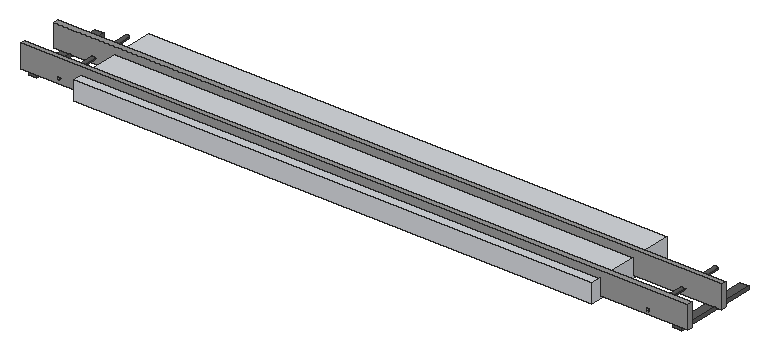
Revit family "1214-2, Solid", category Generic Models, host Face, Revit 2020
Family settings
  Host = Face
  Can host rebar = No
  Round Connector Dimension = Use Diameter
  Part Type = Normal
  Cut with Voids When Loaded = No
  Shared = No
  Room Calculation Point = No
Parameters
  min_value [instance] = 1' - 11 1/4"  # constant formula
  max_value [instance] = 11' - 11 1/4"  # constant formula
  actual_value [instance] = if(NET LENGTH < min_value, min_value, if(NET LENGTH > max_value, max_value, NET LENGTH))  # 7' - 11 1/4"
  NET LENGTH [instance] = 7' - 11 1/4"
  IMPORTANT NOTE!!!                                                                             *Backer & dowel layout is for visualization purposes only, final layout to be determined by 9Wood. [instance] = ""
  Default Elevation = 4' - 0"
  DOWEL RADIUS [instance] = 0' - 0 1/4"  # constant formula
  BACKING M MATERIAL [instance] = BLACK-BACKERS
  .. MEMBER WIDTH [instance] = 0' - 0 3/4"  # constant formula
  .. MEMBER MATERIAL [instance] = Solid Western Hemlock
  .. MEMBER DEPTH [instance] = 0' - 3 1/4"  # constant formula
  .. MEMBER COUNT [instance] = 2  # constant formula
Reference planes (in)
  plane 1 "Center (Front/Back)": y = 0
  plane 2: z = 2.726
  plane 3 "Center (Left/Right)": x = 0
Forms (in)
  Extrusion 1, solid
    sketch origin (15, -0.86619, -0.99308) x (0, 1, 0) y (-1, 0, 0)
      loop
        line (3.42869, -23.66817) -> (3.42869, 50.25) -> (-10, 50.25) -> (-10, -23.66817) -> (3.42869, -23.66817)
    from 3.71908 to 1.00111
Dimensions and locks (in)
  aligned and locked: plane 2 to Extrusion 1
Nested families (in)
  nested 1: "1200 Series" at (-44, -2, 1.87867), NET LENGTH <- "actual_value", DOWEL RADII <- "DOWEL RADIUS", .. MEMBER WIDTH <- ".. MEMBER WIDTH", .. MEMBER DEPTH <- ".. MEMBER DEPTH", .. MEMBER MATERIAL <- ".. MEMBER MATERIAL", BACKING M MATERIAL <- "BACKING M MATERIAL", .. MEMBER COUNT <- ".. MEMBER COUNT", type "1200 Series"
    with X 7' - 4", WIDTH 1' - 0 1/16", Space 0' - 0 11/16", START 0' - 0 3/8", SCRIM MATERIAL SCRIM, SCRIM 3 8' - 1", SCRIM 2 0' - 0 7/8", SCRIM 1 0' - 0 3/32", SCRIM yes, NET LENGTH 7' - 11 1/4", N 8, INSET 3 0' - 0 3/16", INSET 0' - 1", INDEX 0' - 5 5/8", END BACKER yes, DOWEL RADII 0' - 0 1/4", DOWEL COUNT 8, BACKING M WIDTH 0' - 1 1/4", BACKING M MATERIAL BLACK-BACKERS, BACKING M LENGTH 0' - 11 7/8", BACKING M DEPTH 0' - 0 1/2", .. MEMBER WIDTH 0' - 0 3/4", .. MEMBER OC TYP 0' - 6", .. MEMBER MATERIAL Solid Western Hemlock, .. MEMBER DEPTH 0' - 3 1/4", .. MEMBER COUNT 2
Definition of nested family "1200 Series"
  Parameters (values of type "1200 Series")
    X [instance] = NET LENGTH - (0' 3 5/8" * 2)  # 6' - 2"
    WIDTH [instance] = 1' - 0 1/16"
    Space [instance] = 0' - 0 11/16"  # constant formula
    START [instance] = .. MEMBER WIDTH / 2  # 0' - 0 3/8"
    SCRIM MATERIAL [instance] = none
    SCRIM 3 [instance] = NET LENGTH + (SCRIM 2 * 2)  # 6' - 11"
    SCRIM 2 [instance] = 0' - 0 7/8"
    SCRIM 1 [instance] = 0' - 0 3/32"
    SCRIM [instance] = yes
    NET LENGTH [instance] = 6' - 9 1/4"
    N [instance] = if((X - (rounddown(X / 1' 0") * 1' 0")) > 1' 0", rounddown(X / 1' 0") + 2, rounddown(X / 1' 0") + 1)  # 7
    INSET 3 [instance] = 0' - 0 3/16"
    INSET [instance] = 0' - 1"
    INDEX [instance] = (NET LENGTH - ((N - 1) * 1' 0")) / 2  # 0' - 4 5/8"
    END BACKER [instance] = yes
    Default Elevation = 0' - 0"
    DOWEL RADII [instance] = 0' - 0 1/4"
    DOWEL COUNT [instance] = N  # 7
    BACKING M WIDTH [instance] = 0' - 1 1/4"
    BACKING M MATERIAL [instance] = none
    BACKING M LENGTH [instance] = 0' - 11 7/8"
    BACKING M DEPTH [instance] = 0' - 0 1/2"
    .. MEMBER WIDTH [instance] = 0' - 0 3/4"
    .. MEMBER OC TYP [instance] = 1' 0" / .. MEMBER COUNT  # 0' - 3"
    .. MEMBER MATERIAL [instance] = none
    .. MEMBER DEPTH [instance] = 0' - 1 3/8"
    .. MEMBER COUNT [instance] = 4
  Reference planes (in)
    plane 1 "Center (Front/Back)": y = -7.5
    plane 2: z = 0
    plane 3 "Center (Left/Right)": x = 0
    plane 4: x = 1
    plane 5: x = 4.625
    plane 6: x = 81.25
    plane 7: x = 80.25
    plane 8: x = 16.625
    plane 9: y = -7.3125
    plane 10: y = -4.125
    plane 11: y = -7.125
    plane 12: y = 4.5625
    plane 13: y = -4.5
    plane 14: y = -7.59375
    plane 15: x = 82.125
    plane 16: y = 4.65625
    plane 17: x = -0.875
    plane 18: z = -1.375
    plane 19: z = -0.6875
  Lines and regions (in)
    model lines
      curve 1: line (4.375, -7.5, -0.6875) -> (4.875, -7.5, -0.6875)
    model lines, not visible
      curve 2: line (4.625, -7.5, -0.9375) -> (4.625, -7.5, -0.4375)
      curve 3: line (4.375, -7.5, -0.6875) -> (4.875, -7.5, -0.6875)
      curve 4: line (16.625, -7.5, -0.9375) -> (16.625, -7.5, -0.4375)
      curve 5: line (16.375, -7.5, -0.6875) -> (16.875, -7.5, -0.6875)
      curve 6: line (28.625, -7.5, -0.9375) -> (28.625, -7.5, -0.4375)
      curve 7: line (28.375, -7.5, -0.6875) -> (28.875, -7.5, -0.6875)
      curve 8: line (40.625, -7.5, -0.9375) -> (40.625, -7.5, -0.4375)
      curve 9: line (40.375, -7.5, -0.6875) -> (40.875, -7.5, -0.6875)
      curve 10: line (52.625, -7.5, -0.9375) -> (52.625, -7.5, -0.4375)
      curve 11: line (52.375, -7.5, -0.6875) -> (52.875, -7.5, -0.6875)
      curve 12: line (64.625, -7.5, -0.9375) -> (64.625, -7.5, -0.4375)
      curve 13: line (64.375, -7.5, -0.6875) -> (64.875, -7.5, -0.6875)
      curve 14: line (76.625, -7.5, -0.9375) -> (76.625, -7.5, -0.4375)
      curve 15: line (76.375, -7.5, -0.6875) -> (76.875, -7.5, -0.6875)
  Dimensions and locks (in)
    "NET LENGTH": plane 3 "Center (Left/Right)" to plane 6
    "INSET": plane 7 to plane 6
    "INDEX": plane 3 "Center (Left/Right)" to plane 5
    plane 5 to plane 8 = 1' - 0"
    "INSET 3": plane 1 "Center (Front/Back)" to plane 9
    equal spacing: group 1, group 2, group 3, group 4  (x3)
    "START": plane 11 to plane 1 "Center (Front/Back)"
    ".. MEMBER OC TYP": plane 10 to plane 11
    "WIDTH": plane 12 to plane 1 "Center (Front/Back)"
    "START": plane 10 to plane 13
    "SCRIM 1": plane 14 to plane 1 "Center (Front/Back)"
    "SCRIM 2": plane 6 to plane 15
    "SCRIM 1": plane 12 to plane 16
    "SCRIM 2": plane 17 to plane 3 "Center (Left/Right)"
    "INSET": plane 3 "Center (Left/Right)" to plane 4
    equal spacing: group 5, group 6, group 7, group 8, group 9, group 10, group 11  (x3)
    "Space": plane 19 to plane 18
    aligned and locked: level to plane 2
    aligned and locked: nested 1 to plane 4  (x2)
    aligned and locked: plane 7 to nested 2
    aligned and locked: plane 5 to nested 3
    aligned and locked: nested 1 to plane 9
    aligned and locked: plane 1 "Center (Front/Back)" to nested 4
    aligned and locked: plane 9 to nested 2
    aligned and locked: plane 13 to nested 5
    aligned and locked: nested 3 to plane 9
    aligned and locked: plane 18 to nested 1
    aligned and locked: plane 19 to nested 3
    aligned and locked: curve 1 to plane 19
    aligned and locked: plane 8 to curve 4
    aligned and locked: curve 5 to plane 19
    aligned and locked: nested 4 to plane 18
  Automatic sketch dimensions
    curve 1 to curve 1 = 0' - 0 1/2"
    curve 1 to plane 5 = 0' - 0 1/4"
    plane 5 to curve 1 = 0' - 0 1/4"
    curve 3 to curve 2 = 0' - 0 1/4"  (x2)
    curve 2 to curve 3 = 0' - 0 1/4"  (x2)
    curve 5 to curve 4 = 0' - 0 1/4"  (x2)
    curve 4 to curve 5 = 0' - 0 1/4"  (x2)
    curve 7 to curve 6 = 0' - 0 1/4"  (x2)
    curve 6 to curve 7 = 0' - 0 1/4"  (x2)
    curve 9 to curve 8 = 0' - 0 1/4"  (x2)
    curve 8 to curve 9 = 0' - 0 1/4"  (x2)
    curve 11 to curve 10 = 0' - 0 1/4"  (x2)
    curve 10 to curve 11 = 0' - 0 1/4"  (x2)
    curve 13 to curve 12 = 0' - 0 1/4"  (x2)
    curve 12 to curve 13 = 0' - 0 1/4"  (x2)
    curve 15 to curve 14 = 0' - 0 1/4"  (x2)
    curve 14 to curve 15 = 0' - 0 1/4"  (x2)
  Nested families (in)
    nested 1: "INSTANCE - 2ND -  EXTEND SIDE H CENTER W - Parametric Cube" at (1, -1.375, -1.375) x (0, -1, 0) z (0, 0, 1), Width <- "BACKING M LENGTH", Length <- "BACKING M WIDTH", Material <- "BACKING M MATERIAL", Height <- "BACKING M DEPTH", visible <- "END BACKER", type "INSTANCE - 2ND -  EXTEND SIDE H CENTER W - Parametric Cube"
      with Width 0' - 11 7/8", Material none, Length 0' - 1 1/4", Height 0' - 0 1/2"
    nested 2: "INSTANCE - 2ND -  EXTEND SIDE H CENTER W - Parametric Cube" at (80.25, -1.375, -1.375) x (0, -1, 0) z (0, 0, 1), Width <- "BACKING M LENGTH", Length <- "BACKING M WIDTH", Material <- "BACKING M MATERIAL", Height <- "BACKING M DEPTH", visible <- "END BACKER", type "INSTANCE - 2ND -  EXTEND SIDE H CENTER W - Parametric Cube"
      with Width 0' - 11 7/8", Material none, Length 0' - 1 1/4", Height 0' - 0 1/2"
    nested 3: "Family3" at (-5.375, -7.3125, -0.6875), DOWEL RADII <- "DOWEL RADII", BACKING MEM MATERIAL <- "BACKING M MATERIAL", type "Family3"
      with DOWEL RADII 0' - 0 1/4", DOWEL LENGTH 0' - 11 7/8", BACKING MEM MATERIAL none
    nested 4: "HOLED MEMBER" at (0, -18.75, 6.19404), DOWEL RADII <- "DOWEL RADII", .. MEMBER LENGTH <- "NET LENGTH", DOWEL COUNT <- "DOWEL COUNT", DEPTH <- ".. MEMBER DEPTH", .. MEMBER WIDTH <- ".. MEMBER WIDTH", Material <- ".. MEMBER MATERIAL", DOWEL INDEX <- "INDEX", Space 2 <- "Space", type "HOLED MEMBER"
      with Width 0' - 6", Space 2 0' - 0 11/16", Material none, Length 1' - 0", Height 0' - 10.43096", DOWEL RADII 0' - 0 1/4", DOWEL OC DIST 1' - 0", DOWEL INDEX 0' - 4 5/8", DOWEL COUNT 7, DEPTH 0' - 1 3/8", .. MEMBER WIDTH 0' - 0 3/4", .. MEMBER LENGTH 6' - 9 1/4"
    nested 5: "HOLED MEMBER" at (0, -15.75, 6.19404), DOWEL RADII <- "DOWEL RADII", .. MEMBER LENGTH <- "NET LENGTH", DOWEL COUNT <- "DOWEL COUNT", DEPTH <- ".. MEMBER DEPTH", .. MEMBER WIDTH <- ".. MEMBER WIDTH", Material <- ".. MEMBER MATERIAL", DOWEL INDEX <- "INDEX", Space 2 <- "Space", type "HOLED MEMBER"
      with Width 0' - 6", Space 2 0' - 0 11/16", Material none, Length 1' - 0", Height 0' - 10.43096", DOWEL RADII 0' - 0 1/4", DOWEL OC DIST 1' - 0", DOWEL INDEX 0' - 4 5/8", DOWEL COUNT 7, DEPTH 0' - 1 3/8", .. MEMBER WIDTH 0' - 0 3/4", .. MEMBER LENGTH 6' - 9 1/4"
    nested 6: "HOLED MEMBER" at (0, -12.75, 6.19404), DOWEL RADII <- "DOWEL RADII", .. MEMBER LENGTH <- "NET LENGTH", DOWEL COUNT <- "DOWEL COUNT", DEPTH <- ".. MEMBER DEPTH", .. MEMBER WIDTH <- ".. MEMBER WIDTH", Material <- ".. MEMBER MATERIAL", DOWEL INDEX <- "INDEX", Space 2 <- "Space", type "HOLED MEMBER"
      with Width 0' - 6", Space 2 0' - 0 11/16", Material none, Length 1' - 0", Height 0' - 10.43096", DOWEL RADII 0' - 0 1/4", DOWEL OC DIST 1' - 0", DOWEL INDEX 0' - 4 5/8", DOWEL COUNT 7, DEPTH 0' - 1 3/8", .. MEMBER WIDTH 0' - 0 3/4", .. MEMBER LENGTH 6' - 9 1/4"
    nested 7: "HOLED MEMBER" at (0, -9.75, 6.19404), DOWEL RADII <- "DOWEL RADII", .. MEMBER LENGTH <- "NET LENGTH", DOWEL COUNT <- "DOWEL COUNT", DEPTH <- ".. MEMBER DEPTH", .. MEMBER WIDTH <- ".. MEMBER WIDTH", Material <- ".. MEMBER MATERIAL", DOWEL INDEX <- "INDEX", Space 2 <- "Space", type "HOLED MEMBER"
      with Width 0' - 6", Space 2 0' - 0 11/16", Material none, Length 1' - 0", Height 0' - 10.43096", DOWEL RADII 0' - 0 1/4", DOWEL OC DIST 1' - 0", DOWEL INDEX 0' - 4 5/8", DOWEL COUNT 7, DEPTH 0' - 1 3/8", .. MEMBER WIDTH 0' - 0 3/4", .. MEMBER LENGTH 6' - 9 1/4"
    nested 8: "Family3" at (6.625, -7.3125, -0.6875), DOWEL RADII <- "DOWEL RADII", BACKING MEM MATERIAL <- "BACKING M MATERIAL", type "Family3"
      with DOWEL RADII 0' - 0 1/4", DOWEL LENGTH 0' - 11 7/8", BACKING MEM MATERIAL none
    nested 9: "Family3" at (18.625, -7.3125, -0.6875), DOWEL RADII <- "DOWEL RADII", BACKING MEM MATERIAL <- "BACKING M MATERIAL", type "Family3"
      with DOWEL RADII 0' - 0 1/4", DOWEL LENGTH 0' - 11 7/8", BACKING MEM MATERIAL none
    nested 10: "Family3" at (30.625, -7.3125, -0.6875), DOWEL RADII <- "DOWEL RADII", BACKING MEM MATERIAL <- "BACKING M MATERIAL", type "Family3"
      with DOWEL RADII 0' - 0 1/4", DOWEL LENGTH 0' - 11 7/8", BACKING MEM MATERIAL none
    nested 11: "Family3" at (42.625, -7.3125, -0.6875), DOWEL RADII <- "DOWEL RADII", BACKING MEM MATERIAL <- "BACKING M MATERIAL", type "Family3"
      with DOWEL RADII 0' - 0 1/4", DOWEL LENGTH 0' - 11 7/8", BACKING MEM MATERIAL none
    nested 12: "Family3" at (54.625, -7.3125, -0.6875), DOWEL RADII <- "DOWEL RADII", BACKING MEM MATERIAL <- "BACKING M MATERIAL", type "Family3"
      with DOWEL RADII 0' - 0 1/4", DOWEL LENGTH 0' - 11 7/8", BACKING MEM MATERIAL none
    nested 13: "Family3" at (66.625, -7.3125, -0.6875), DOWEL RADII <- "DOWEL RADII", BACKING MEM MATERIAL <- "BACKING M MATERIAL", type "Family3"
      with DOWEL RADII 0' - 0 1/4", DOWEL LENGTH 0' - 11 7/8", BACKING MEM MATERIAL none
  Definition of nested family "INSTANCE - 2ND -  EXTEND SIDE H CENTER W - Parametric Cube"
    Parameters (values of type "INSTANCE - 2ND -  EXTEND SIDE H CENTER W - Parametric Cube")
      Width [instance] = 0' - 6"
      Material [instance] = none
      Length [instance] = 1' - 0"
      Height [instance] = 1' - 6"
      Default Elevation = 0' - 0"
    Reference planes (in)
      plane 1 "Center (Front/Back)": y = 0
      plane 2: z = 0
      plane 3 "Center (Left/Right)": x = 0
      plane 4: x = -3
      plane 5: x = 3
      plane 6: y = 12
      plane 7: z = -18
    Forms (in)
      Extrusion 1, solid, material <- "Material"
        sketch origin (0, 6, 0) x (1, 0, 0) y (0, 1, 0)
          loop
            line (-3, 6) -> (-3, -6) -> (3, -6) -> (3, 6) -> (-3, 6)
        from -18 to 0
    Dimensions and locks (in)
      equal spacing: plane 4, plane 3 "Center (Left/Right)", plane 5
      "Width": plane 4 to plane 5
      "Height": plane 7 to level
      "Length": plane 1 "Center (Front/Back)" to plane 6
      aligned and locked: plane 2 to level
      aligned and locked: plane 4 to Extrusion 1 sketch curve
      aligned and locked: Extrusion 1 sketch curve to plane 5
      aligned and locked: Extrusion 1 to plane 7
      aligned and locked: plane 6 to Extrusion 1
    Automatic sketch dimensions
      plane 1 "Center (Front/Back)" to Extrusion 1 sketch curve = 0' - 0"
      plane 6 to Extrusion 1 sketch curve = 0' - 0"
  Definition of nested family "Family3"
    Parameters (values of type "Family3")
      Default Elevation = 0' - 0"
      DOWEL RADII [instance] = 0' - 0 5/8"
      DOWEL LENGTH [instance] = 0' - 5"
      BACKING MEM MATERIAL [instance] = none
    Reference planes (in)
      plane 1 "Center (Front/Back)": y = 0
      plane 2: z = 0
      plane 3 "Center (Left/Right)": x = 0
      plane 4: y = 5
    Forms (in)
      Extrusion 1, solid, material <- "BACKING MEM MATERIAL"
        sketch origin (10, 0, 0) x (1, 0, 0) y (0, 0, 1)
          loop
            circle (0, 0) r 0.625
        from 0 to -5
      Extrusion 2, solid, not visible
        sketch origin (0, 0, 0) x (1, 0, 0) y (0, 0, 1)
          loop
            circle (0, 0) r 0.625
        from 0 to 12
      Extrusion 3, solid, not visible
        sketch origin (10, 0, 0) x (1, 0, 0) y (0, 0, 1)
          loop
            circle (0, 0) r 0.625
        from 0 to 2.5
      Extrusion 4, solid, not visible
        sketch origin (10, 0, 0) x (1, 0, 0) y (0, 0, 1)
          loop
            circle (0, 0) r 0.625
        from 0 to -12
    Lines and regions (in)
      model lines, not visible
        curve 1: line (-13, 0, 0) -> (-13, -12, 0)
        curve 2: line (13, 0, 0) -> (13, -12, 0)
        curve 3: line (9.89453, 0, 0) -> (10.08794, 0, 0)
        curve 4: line (9.89453, -2.5, 0) -> (10.08794, -2.5, 0)
        curve 6: line (10, 0, 0) -> (10, 2, 0)
      model lines
        curve 5: line (10, 0, 0) -> (10, 2, 0)
    Dimensions and locks (in)
      "DOWEL LENGTH": plane 1 "Center (Front/Back)" to plane 4
      "DOWEL RADII": radius of Extrusion 1 sketch curve
      "DOWEL RADII": radius of Extrusion 2 sketch curve
      "DOWEL RADII": radius of Extrusion 3 sketch curve
      "DOWEL RADII": radius of Extrusion 4 sketch curve
      "DOWEL RADII": radius of Extrusion 1
      aligned and locked: plane 2 to level
      aligned and locked: Extrusion 1 to plane 1 "Center (Front/Back)"  (x3)
      aligned and locked: plane 1 "Center (Front/Back)" to Extrusion 1
      aligned and locked: plane 4 to Extrusion 1
    Automatic sketch dimensions
      plane 1 "Center (Front/Back)" to curve 5 = 0' - 0"
      curve 5 to plane 1 "Center (Front/Back)" = 0' - 2"
      plane 3 "Center (Left/Right)" to curve 5 = 0' - 10"
      Extrusion 1 sketch curve to level = 0' - 0"
      plane 3 "Center (Left/Right)" to Extrusion 1 sketch curve = 0' - 10"
  Definition of nested family "HOLED MEMBER"
    Parameters (values of type "HOLED MEMBER")
      Width [instance] = 0' - 6"
      Space 2 [instance] = 0' - 0 5/8"
      Space = 0' - 0 5/8"
      Material [instance] = none
      Length [instance] = 1' - 0"
      Height [instance] = 0' - 10.43096"
      Default Elevation = 0' - 0"
      DOWEL RADII [instance] = 0' - 0.34537"
      DOWEL OC DIST [instance] = 1' - 0"
      DOWEL INSET = 0' - 0 5/8"
      DOWEL INDEX [instance] = 0' - 5 5/8"
      DOWEL COUNT [instance] = 6
      DEPTH [instance] = 0' - 2"
      .. MEMBER WIDTH [instance] = 0' - 0 5/8"
      .. MEMBER LENGTH [instance] = 5' - 11 3/4"
    Reference planes (in)
      plane 1 "Center (Front/Back)": y = 12
      plane 2: z = -7.56904
      plane 3 "Center (Left/Right)": x = 0
      plane 4: x = 5.625
      plane 5: x = 17.625
      plane 6: y = 11.375
      plane 7: x = 71.75
      plane 8: z = -6.94404
      plane 9: z = -5.56904
    Forms (in)
      Extrusion 1, solid, material <- "Material"
        sketch origin (0, 12, -13.56904) x (1, 0, 0) y (0, 0, 1)
          loop
            line (0, 6) -> (71.75, 6) -> (71.75, 8) -> (0, 8) -> (0, 6)
        from 0.625 to 0
      Extrusion 2, void
        sketch origin (0, 12, -18.31904) x (1, 0, 0) y (0, 0, 1)
          loop
            circle (5.625, 11.375) r 0.34537
        from 0 to 12
      Extrusion 3, void, not visible
        sketch origin (0, 1.25, 0) x (1, 0, 0) y (0, 1, 0)
          loop
            circle (5.625, 11.375) r 0.34537
        from 0 to 12
      Extrusion 4, void, not visible
        sketch origin (0, 1.25, 0) x (1, 0, 0) y (0, 1, 0)
          loop
            circle (5.625, 11.375) r 0.34537
        from 0 to 12
      Extrusion 5, void, not visible
        sketch origin (12, 1.25, 0) x (1, 0, 0) y (0, 1, 0)
          loop
            circle (5.625, 11.375) r 0.34537
        from 0 to 12
      Extrusion 6, void, not visible
        sketch origin (0, 12, -16.31904) x (1, 0, 0) y (0, 0, 1)
          loop
            circle (5.625, 11.375) r 0.34537
        from 0 to 12
      Extrusion 7, void, not visible
        sketch origin (12, 12, -16.31904) x (1, 0, 0) y (0, 0, 1)
          loop
            circle (5.625, 11.375) r 0.34537
        from 0 to 12
      Extrusion 8, void, not visible
        sketch origin (0, 12, -18.31904) x (1, 0, 0) y (0, 0, 1)
          loop
            circle (5.625, 11.375) r 0.34537
        from 0 to 12
      Extrusion 9, void
        sketch origin (12, 12, -18.31904) x (1, 0, 0) y (0, 0, 1)
          loop
            circle (5.625, 11.375) r 0.34537
        from 0 to 12
      Extrusion 10, void, not visible
        sketch origin (24, 12, -16.31904) x (1, 0, 0) y (0, 0, 1)
          loop
            circle (5.625, 11.375) r 0.34537
        from 0 to 12
      Extrusion 11, void, not visible
        sketch origin (36, 12, -16.31904) x (1, 0, 0) y (0, 0, 1)
          loop
            circle (5.625, 11.375) r 0.34537
        from 0 to 12
      Extrusion 12, void, not visible
        sketch origin (48, 12, -16.31904) x (1, 0, 0) y (0, 0, 1)
          loop
            circle (5.625, 11.375) r 0.34537
        from 0 to 12
      Extrusion 13, void, not visible
        sketch origin (60, 12, -16.31904) x (1, 0, 0) y (0, 0, 1)
          loop
            circle (5.625, 11.375) r 0.34537
        from 0 to 12
      Extrusion 14, void, not visible
        sketch origin (24, 1.25, 0) x (1, 0, 0) y (0, 1, 0)
          loop
            circle (5.625, 11.375) r 0.34537
        from 0 to 12
      Extrusion 15, void, not visible
        sketch origin (36, 1.25, 0) x (1, 0, 0) y (0, 1, 0)
          loop
            circle (5.625, 11.375) r 0.34537
        from 0 to 12
      Extrusion 16, void, not visible
        sketch origin (48, 1.25, 0) x (1, 0, 0) y (0, 1, 0)
          loop
            circle (5.625, 11.375) r 0.34537
        from 0 to 12
      Extrusion 17, void, not visible
        sketch origin (60, 1.25, 0) x (1, 0, 0) y (0, 1, 0)
          loop
            circle (5.625, 11.375) r 0.34537
        from 0 to 12
      Extrusion 18, void
        sketch origin (24, 12, -18.31904) x (1, 0, 0) y (0, 0, 1)
          loop
            circle (5.625, 11.375) r 0.34537
        from 0 to 12
      Extrusion 19, void
        sketch origin (36, 12, -18.31904) x (1, 0, 0) y (0, 0, 1)
          loop
            circle (5.625, 11.375) r 0.34537
        from 0 to 12
      Extrusion 20, void
        sketch origin (48, 12, -18.31904) x (1, 0, 0) y (0, 0, 1)
          loop
            circle (5.625, 11.375) r 0.34537
        from 0 to 12
      Extrusion 21, void
        sketch origin (60, 12, -18.31904) x (1, 0, 0) y (0, 0, 1)
          loop
            circle (5.625, 11.375) r 0.34537
        from 0 to 12
    Cuts and joins
      Extrusion 2, Extrusion 9, Extrusion 18, Extrusion 19, Extrusion 20, Extrusion 21 cuts Extrusion 1
    Lines and regions (in)
      model lines, not visible
        curve 1: line (5.625, 11.72037, 0) -> (5.625, 11.02963, 0)
        curve 2: line (5.625, 11.72037, 0) -> (5.625, 11.02963, 0)
        curve 3: line (17.625, 11.72037, 0) -> (17.625, 11.02963, 0)
        curve 4: line (5.625, 12, -7.56904) -> (5.625, 11.87317, -7.56904)
        curve 5: line (5.625, 11.87317, -7.56904) -> (5.06195, 11.87317, -7.56904)
        curve 6: line (5.06195, 11.87317, -7.56904) -> (5.27963, 11.375, -7.56904)
        curve 7: line (0, 12, -6.19404) -> (0, 11.61951, -6.19404)
        curve 8: line (0, 11.375, -8.19404) -> (0, 11.6747, -8.19404)
        curve 9: line (5.625, 12, -7.56904) -> (5.625, 11.69863, -7.56904)
        curve 11: line (5.625, 12, 0) -> (5.625, 12, 0.30137)
        curve 12: line (5.625, 12, 0) -> (5.625, 12, 0.30137)
        curve 13: line (17.625, 12, 0) -> (17.625, 12, 0.30137)
        curve 14: line (5.625, 12, -5.56904) -> (5.625, 11.69863, -5.56904)
        curve 15: line (17.625, 12, -5.56904) -> (17.625, 11.69863, -5.56904)
        curve 16: line (5.625, 12, -7.56904) -> (5.625, 11.69863, -7.56904)
        curve 18: line (29.625, 12, -5.56904) -> (29.625, 11.69863, -5.56904)
        curve 19: line (41.625, 12, -5.56904) -> (41.625, 11.69863, -5.56904)
        curve 20: line (53.625, 12, -5.56904) -> (53.625, 11.69863, -5.56904)
        curve 21: line (65.625, 12, -5.56904) -> (65.625, 11.69863, -5.56904)
        curve 22: line (29.625, 11.72037, 0) -> (29.625, 11.02963, 0)
        curve 23: line (29.625, 12, 0) -> (29.625, 12, 0.30137)
        curve 24: line (41.625, 11.72037, 0) -> (41.625, 11.02963, 0)
        curve 25: line (41.625, 12, 0) -> (41.625, 12, 0.30137)
        curve 26: line (53.625, 11.72037, 0) -> (53.625, 11.02963, 0)
        curve 27: line (53.625, 12, 0) -> (53.625, 12, 0.30137)
        curve 28: line (65.625, 11.72037, 0) -> (65.625, 11.02963, 0)
        curve 29: line (65.625, 12, 0) -> (65.625, 12, 0.30137)
        curve 35: line (5.27963, 12.625, 0) -> (5.97037, 12.625, 0)
        curve 36: line (5.27963, 12.625, 0) -> (5.97037, 12.625, 0)
        curve 37: line (17.27963, 12.625, 0) -> (17.97037, 12.625, 0)
        curve 38: line (5.27963, 12, -4.94404) -> (5.97037, 12, -4.94404)
        curve 39: line (17.27963, 12, -4.94404) -> (17.97037, 12, -4.94404)
        curve 40: line (5.27963, 12, -6.94404) -> (5.97037, 12, -6.94404)
        curve 42: line (29.27963, 12, -4.94404) -> (29.97037, 12, -4.94404)
        curve 43: line (41.27963, 12, -4.94404) -> (41.97037, 12, -4.94404)
        curve 44: line (53.27963, 12, -4.94404) -> (53.97037, 12, -4.94404)
        curve 45: line (65.27963, 12, -4.94404) -> (65.97037, 12, -4.94404)
        curve 46: line (29.27963, 12.625, 0) -> (29.97037, 12.625, 0)
        curve 47: line (41.27963, 12.625, 0) -> (41.97037, 12.625, 0)
        curve 48: line (53.27963, 12.625, 0) -> (53.97037, 12.625, 0)
        curve 49: line (65.27963, 12.625, 0) -> (65.97037, 12.625, 0)
        curve 54: line (0, 12, -6.94404) -> (0, 4.22059, -6.94404)
        curve 55: line (0, 12.625, 0) -> (0, 12.625, 7.77941)
        curve 56: line (0, 12.625, 0) -> (0, 12.625, 7.77941)
        curve 57: line (12, 12.625, 0) -> (12, 12.625, 7.77941)
        curve 58: line (0, 12, -4.94404) -> (0, 4.22059, -4.94404)
        curve 59: line (12, 12, -4.94404) -> (12, 4.22059, -4.94404)
        curve 60: line (0, 12, -6.94404) -> (0, 4.22059, -6.94404)
        curve 61: line (12, 12, -6.94404) -> (12, 4.22059, -6.94404)
        curve 62: line (24, 12, -4.94404) -> (24, 4.22059, -4.94404)
        curve 63: line (36, 12, -4.94404) -> (36, 4.22059, -4.94404)
        curve 64: line (48, 12, -4.94404) -> (48, 4.22059, -4.94404)
        curve 65: line (60, 12, -4.94404) -> (60, 4.22059, -4.94404)
        curve 66: line (24, 12.625, 0) -> (24, 12.625, 7.77941)
        curve 67: line (36, 12.625, 0) -> (36, 12.625, 7.77941)
        curve 68: line (48, 12.625, 0) -> (48, 12.625, 7.77941)
        curve 69: line (60, 12.625, 0) -> (60, 12.625, 7.77941)
        curve 70: line (24, 12, -6.94404) -> (24, 4.22059, -6.94404)
        curve 71: line (36, 12, -6.94404) -> (36, 4.22059, -6.94404)
        curve 72: line (48, 12, -6.94404) -> (48, 4.22059, -6.94404)
        curve 73: line (60, 12, -6.94404) -> (60, 4.22059, -6.94404)
      model lines
        curve 10: line (5.625, 12, -7.56904) -> (5.625, 11.69863, -7.56904)
        curve 17: line (17.625, 12, -7.56904) -> (17.625, 11.69863, -7.56904)
        curve 30: line (29.625, 12, -7.56904) -> (29.625, 11.69863, -7.56904)
        curve 31: line (41.625, 12, -7.56904) -> (41.625, 11.69863, -7.56904)
        curve 32: line (53.625, 12, -7.56904) -> (53.625, 11.69863, -7.56904)
        curve 33: line (65.625, 12, -7.56904) -> (65.625, 11.69863, -7.56904)
        curve 34: line (5.27963, 12, -6.94404) -> (5.97037, 12, -6.94404)
        curve 41: line (17.27963, 12, -6.94404) -> (17.97037, 12, -6.94404)
        curve 50: line (29.27963, 12, -6.94404) -> (29.97037, 12, -6.94404)
        curve 51: line (41.27963, 12, -6.94404) -> (41.97037, 12, -6.94404)
        curve 52: line (53.27963, 12, -6.94404) -> (53.97037, 12, -6.94404)
        curve 53: line (65.27963, 12, -6.94404) -> (65.97037, 12, -6.94404)
    Dimensions and locks (in)
      "DOWEL INDEX": plane 3 "Center (Left/Right)" to plane 4
      "DOWEL OC DIST": plane 4 to plane 5
      ".. MEMBER LENGTH": plane 3 "Center (Left/Right)" to plane 7
      equal spacing: group 3, group 4, group 17, group 18, group 19, group 20  (x3)
      equal spacing: group 7, group 8, group 13, group 14, group 15, group 16  (x3)
      equal spacing: group 1, group 12, group 21, group 22, group 23, group 24  (x3)
      ".. MEMBER WIDTH": plane 6 to plane 1 "Center (Front/Back)"
      "DEPTH": plane 9 to level
      "Space 2": plane 8 to level
      "DOWEL RADII": radius of Extrusion 2 sketch curve
      "DOWEL RADII": radius of Extrusion 3 sketch curve
      "DOWEL RADII": radius of Extrusion 4 sketch curve
      "DOWEL RADII": radius of Extrusion 5 sketch curve
      "DOWEL RADII": radius of Extrusion 6 sketch curve
      "DOWEL RADII": radius of Extrusion 7 sketch curve
      "DOWEL RADII": radius of Extrusion 8 sketch curve
      "DOWEL RADII": radius of Extrusion 9 sketch curve
      "DOWEL RADII": radius of Extrusion 10 sketch curve
      "DOWEL RADII": radius of Extrusion 11 sketch curve
      "DOWEL RADII": radius of Extrusion 12 sketch curve
      "DOWEL RADII": radius of Extrusion 13 sketch curve
      "DOWEL RADII": radius of Extrusion 14 sketch curve
      "DOWEL RADII": radius of Extrusion 15 sketch curve
      "DOWEL RADII": radius of Extrusion 16 sketch curve
      "DOWEL RADII": radius of Extrusion 17 sketch curve
      "DOWEL RADII": radius of Extrusion 18 sketch curve
      "DOWEL RADII": radius of Extrusion 19 sketch curve
      "DOWEL RADII": radius of Extrusion 20 sketch curve
      "DOWEL RADII": radius of Extrusion 21 sketch curve
      aligned and locked: level to plane 2
      aligned and locked: Extrusion 1 to plane 3 "Center (Left/Right)"  (x2)
      aligned and locked: plane 7 to cut or joined group of Extrusion 1, Extrusion 2, Extrusion 9, Extrusion 18, Extrusion 19, Extrusion 20, Extrusion 21  (x2)
      aligned and locked: cut or joined group of Extrusion 1, Extrusion 2, Extrusion 9, Extrusion 18, Extrusion 19, Extrusion 20, Extrusion 21 to plane 1 "Center (Front/Back)"  (x2)
      aligned and locked: cut or joined group of Extrusion 1, Extrusion 2, Extrusion 9, Extrusion 18, Extrusion 19, Extrusion 20, Extrusion 21 to plane 6  (x2)
      aligned and locked: plane 4 to curve 10
      aligned and locked: plane 5 to curve 17
      aligned and locked: plane 9 to cut or joined group of Extrusion 1, Extrusion 2, Extrusion 9, Extrusion 18, Extrusion 19, Extrusion 20, Extrusion 21  (x2)
      aligned and locked: cut or joined group of Extrusion 1, Extrusion 2, Extrusion 9, Extrusion 18, Extrusion 19, Extrusion 20, Extrusion 21 to level
      aligned and locked: plane 8 to Extrusion 2
      aligned and locked: curve 34 to plane 8
      aligned and locked: curve 41 to plane 8
      aligned and locked: level to curve 10
      aligned and locked: curve 10 to level
      aligned and locked: plane 8 to cut or joined group of Extrusion 1, Extrusion 2, Extrusion 9, Extrusion 18, Extrusion 19, Extrusion 20, Extrusion 21
      aligned and locked: curve 54 to plane 8
    Automatic sketch dimensions
      curve 1 to curve 1 = 0' - 0.69074"
      curve 2 to curve 2 = 0' - 0.69074"
      curve 3 to curve 3 = 0' - 0.69074"
      Extrusion 1 sketch curve to plane 3 "Center (Left/Right)" = 0' - 0"
      Extrusion 1 sketch curve to plane 7 = 0' - 0"
      Extrusion 1 sketch curve to Extrusion 1 sketch curve = 0' - 2"
      level to Extrusion 1 sketch curve = 0' - 0"
      curve 9 to curve 9 = 0' - 0.30137"
      curve 10 to curve 10 = 0' - 0.30137"
      curve 11 to curve 11 = 0' - 0.30137"
      curve 12 to curve 12 = 0' - 0.30137"
      curve 13 to curve 13 = 0' - 0.30137"
      curve 14 to curve 14 = 0' - 0.30137"
      curve 15 to curve 15 = 0' - 0.30137"
      curve 16 to curve 16 = 0' - 0.30137"
      curve 17 to curve 17 = 0' - 0.30137"
      curve 18 to curve 18 = 0' - 0.30137"
      curve 19 to curve 19 = 0' - 0.30137"
      curve 20 to curve 20 = 0' - 0.30137"
      curve 21 to curve 21 = 0' - 0.30137"
      curve 22 to curve 22 = 0' - 0.69074"
      curve 23 to curve 23 = 0' - 0.30137"
      curve 24 to curve 24 = 0' - 0.69074"
      curve 25 to curve 25 = 0' - 0.30137"
      curve 26 to curve 26 = 0' - 0.69074"
      curve 27 to curve 27 = 0' - 0.30137"
      curve 28 to curve 28 = 0' - 0.69074"
      curve 29 to curve 29 = 0' - 0.30137"
      curve 30 to curve 30 = 0' - 0.30137"
      curve 31 to curve 31 = 0' - 0.30137"
      curve 32 to curve 32 = 0' - 0.30137"
      curve 33 to curve 33 = 0' - 0.30137"
      curve 34 to curve 34 = 0' - 0.69074"
      curve 35 to curve 35 = 0' - 0.69074"
      curve 36 to curve 36 = 0' - 0.69074"
      curve 37 to curve 37 = 0' - 0.69074"
      curve 38 to curve 38 = 0' - 0.69074"
      curve 39 to curve 39 = 0' - 0.69074"
      curve 40 to curve 40 = 0' - 0.69074"
      curve 41 to curve 41 = 0' - 0.69074"
      curve 42 to curve 42 = 0' - 0.69074"
      curve 43 to curve 43 = 0' - 0.69074"
      curve 44 to curve 44 = 0' - 0.69074"
      curve 45 to curve 45 = 0' - 0.69074"
      curve 46 to curve 46 = 0' - 0.69074"
      curve 47 to curve 47 = 0' - 0.69074"
      curve 48 to curve 48 = 0' - 0.69074"
      curve 49 to curve 49 = 0' - 0.69074"
      curve 50 to curve 50 = 0' - 0.69074"
      curve 51 to curve 51 = 0' - 0.69074"
      curve 52 to curve 52 = 0' - 0.69074"
      curve 53 to curve 53 = 0' - 0.69074"
      curve 54 to curve 54 = 0' - 7.77941"
      curve 55 to curve 55 = 0' - 7.77941"
      curve 56 to curve 56 = 0' - 7.77941"
      curve 57 to curve 57 = 0' - 7.77941"
      curve 58 to curve 58 = 0' - 7.77941"
      curve 59 to curve 59 = 0' - 7.77941"
      curve 60 to curve 60 = 0' - 7.77941"
      curve 61 to curve 61 = 0' - 7.77941"
      curve 62 to curve 62 = 0' - 7.77941"
      curve 63 to curve 63 = 0' - 7.77941"
      curve 64 to curve 64 = 0' - 7.77941"
      curve 65 to curve 65 = 0' - 7.77941"
      curve 66 to curve 66 = 0' - 7.77941"
      curve 67 to curve 67 = 0' - 7.77941"
      curve 68 to curve 68 = 0' - 7.77941"
      curve 69 to curve 69 = 0' - 7.77941"
      curve 70 to curve 70 = 0' - 7.77941"
      curve 71 to curve 71 = 0' - 7.77941"
      curve 72 to curve 72 = 0' - 7.77941"
      curve 73 to curve 73 = 0' - 7.77941"
